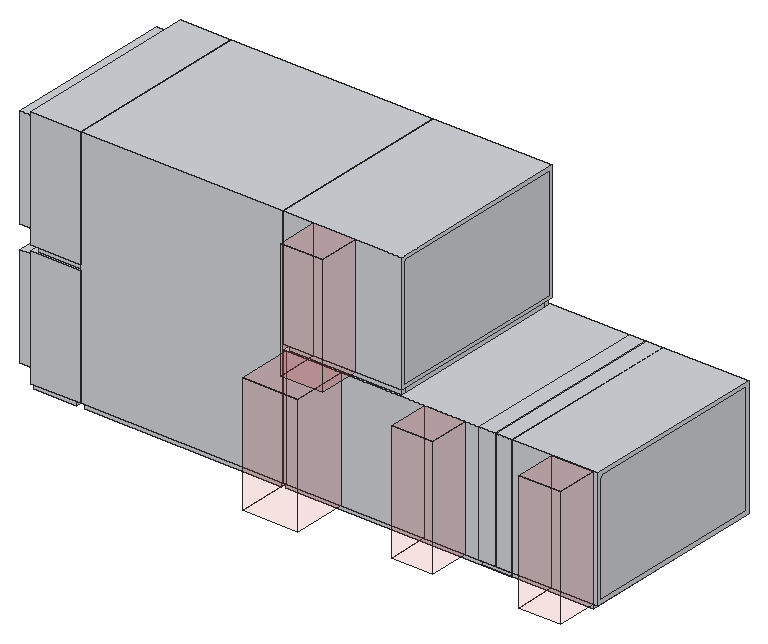
Revit family "Metric WinTADS Template 5", category Mechanical Equipment, Revit 2017
Family settings
  Round Connector Dimension = Use Diameter
  Part Type = Normal
  OmniClass Number = 23.75.00.00
  OmniClass Title = Climate Control (HVAC)
  Work Plane-Based = No
  Always vertical = Yes
  Cut with Voids When Loaded = No
  Shared = No
  Room Calculation Point = No
Parameters
  Mass = 2915.17 kg
Reference planes
  plane 1 "Center (Front/Back)": y = 0
  plane 2: z = 0
  plane 3 "Center (Left/Right)": x = 0
Forms (mm)
  Extrusion 1, solid
    sketch origin (0, 0, 0) x (1, 0, 0) y (0, 1, 0)
      loop
        line (-200, 2078) -> (-200, 100) -> (0, 100) -> (0, 2078) -> (-200, 2078)
    from 100 to 1278
  Extrusion 2, solid
    sketch origin (0, 0, 0) x (1, 0, 0) y (0, 1, 0)
      loop
        line (4293.543, 2129) -> (4293.543, 49) -> (4294.457, 49) -> (4294.457, 2129) -> (4293.543, 2129)
    from 1489 to 2769
  Extrusion 3, solid
    sketch origin (0, 0, 0) x (1, 0, 0) y (0, 1, 0)
      loop
        line (130, 2048) -> (130, 230) -> (448, 230) -> (448, 2048) -> (130, 2048)
    from 1219 to 1329
  Extrusion 4, solid
    sketch origin (0, 0, 0) x (1, 0, 0) y (0, 1, 0)
      loop
        line (0, 2178) -> (0, 0) -> (578, 0) -> (578, 2178) -> (0, 2178)
    from 0 to 1378
  Extrusion 5, solid
    sketch origin (0, 0, 0) x (1, 0, 0) y (0, 1, 0)
      loop
        line (0, 2178) -> (0, 0) -> (578, 0) -> (578, 2178) -> (0, 2178)
    from 1440 to 2818
  Extrusion 6, solid
    sketch origin (0, 0, 0) x (1, 0, 0) y (0, 1, 0)
      loop
        line (578, 2178) -> (578, 0) -> (2916, 0) -> (2916, 2178) -> (578, 2178)
    from 0 to 2818
  Extrusion 7, solid
    sketch origin (0, 0, 0) x (1, 0, 0) y (0, 1, 0)
      loop
        line (2916, 2178) -> (2916, 0) -> (4294, 0) -> (4294, 2178) -> (2916, 2178)
    from 1440 to 2818
  Extrusion 8, solid
    sketch origin (0, 0, 0) x (1, 0, 0) y (0, 1, 0)
      loop
        line (2916, 2178) -> (2916, 0) -> (5574, 0) -> (5574, 2178) -> (2916, 2178)
    from 0 to 1378
  Extrusion 9, solid
    sketch origin (0, 0, 0) x (1, 0, 0) y (0, 1, 0)
      loop
        line (5382.543, 2178) -> (5382.543, 0) -> (5383.457, 0) -> (5383.457, 2178) -> (5382.543, 2178)
    from 0 to 1378
  Extrusion 10, solid
    sketch origin (0, 0, 0) x (1, 0, 0) y (0, 1, 0)
      loop
        line (-200, 2078) -> (-200, 100) -> (0, 100) -> (0, 2078) -> (-200, 2078)
    from 1540 to 2718
  Extrusion 11, solid
    sketch origin (0, 0, 0) x (1, 0, 0) y (0, 1, 0)
      loop
        line (6569.543, 2129) -> (6569.543, 49) -> (6570.457, 49) -> (6570.457, 2129) -> (6569.543, 2129)
    from 49 to 1329
  Extrusion 12, solid
    sketch origin (0, 0, 0) x (1, 0, 0) y (0, 1, 0)
      loop
        line (5192, 2178) -> (5192, 0) -> (6570, 0) -> (6570, 2178) -> (5192, 2178)
    from 0 to 1378
  Extrusion 13, solid
    sketch origin (0, 0, 0) x (1, 0, 0) y (0, 1, 0)
      loop
        line (20, 75.5) -> (20, 26.5) -> (509, 26.5) -> (509, 75.5) -> (20, 75.5)
    from -62 to 0
  Extrusion 14, solid
    sketch origin (0, 0, 0) x (1, 0, 0) y (0, 1, 0)
      loop
        line (20, 2151.5) -> (20, 2102.5) -> (509, 2102.5) -> (509, 2151.5) -> (20, 2151.5)
    from -62 to 0
  Extrusion 15, solid
    sketch origin (0, 0, 0) x (1, 0, 0) y (0, 1, 0)
      loop
        line (20, 2102.5) -> (20, 75.5) -> (69, 75.5) -> (69, 2102.5) -> (20, 2102.5)
    from -62 to 0
  Extrusion 16, solid
    sketch origin (0, 0, 0) x (1, 0, 0) y (0, 1, 0)
      loop
        line (460, 2102.5) -> (460, 75.5) -> (509, 75.5) -> (509, 2102.5) -> (460, 2102.5)
    from -62 to 0
  Extrusion 17, solid
    sketch origin (0, 0, 0) x (1, 0, 0) y (0, 1, 0)
      loop
        line (69, 75.5) -> (69, 26.5) -> (558, 26.5) -> (558, 75.5) -> (69, 75.5)
    from 1378 to 1440
  Extrusion 18, solid
    sketch origin (0, 0, 0) x (1, 0, 0) y (0, 1, 0)
      loop
        line (69, 2151.5) -> (69, 2102.5) -> (558, 2102.5) -> (558, 2151.5) -> (69, 2151.5)
    from 1378 to 1440
  Extrusion 19, solid
    sketch origin (0, 0, 0) x (1, 0, 0) y (0, 1, 0)
      loop
        line (69, 2102.5) -> (69, 75.5) -> (118, 75.5) -> (118, 2102.5) -> (69, 2102.5)
    from 1378 to 1440
  Extrusion 20, solid
    sketch origin (0, 0, 0) x (1, 0, 0) y (0, 1, 0)
      loop
        line (509, 2102.5) -> (509, 75.5) -> (558, 75.5) -> (558, 2102.5) -> (509, 2102.5)
    from 1378 to 1440
  Extrusion 21, solid
    sketch origin (0, 0, 0) x (1, 0, 0) y (0, 1, 0)
      loop
        line (604, 75.5) -> (604, 26.5) -> (2890, 26.5) -> (2890, 75.5) -> (604, 75.5)
    from -62 to 0
  Extrusion 22, solid
    sketch origin (0, 0, 0) x (1, 0, 0) y (0, 1, 0)
      loop
        line (604, 2151.5) -> (604, 2102.5) -> (2890, 2102.5) -> (2890, 2151.5) -> (604, 2151.5)
    from -62 to 0
  Extrusion 23, solid
    sketch origin (0, 0, 0) x (1, 0, 0) y (0, 1, 0)
      loop
        line (604, 2102.5) -> (604, 75.5) -> (653, 75.5) -> (653, 2102.5) -> (604, 2102.5)
    from -62 to 0
  Extrusion 24, solid, material "Clearance Zones"
    sketch origin (0, 0, 0) x (1, 0, 0) y (0, 1, 0)
      loop
        line (3285, 0) -> (3285, -480) -> (3765, -480) -> (3765, 0) -> (3285, 0)
    from 1440 to 2818
  Extrusion 25, solid, material "Clearance Zones"
    sketch origin (0, 0, 0) x (1, 0, 0) y (0, 1, 0)
      loop
        line (2965, 0) -> (2965, -640) -> (3605, -640) -> (3605, 0) -> (2965, 0)
    from 0 to 1378
  Extrusion 26, solid, material "Clearance Zones"
    sketch origin (0, 0, 0) x (1, 0, 0) y (0, 1, 0)
      loop
        line (4565, 0) -> (4565, -480) -> (5045, -480) -> (5045, 0) -> (4565, 0)
    from 0 to 1378
  Extrusion 27, solid, material "Clearance Zones"
    sketch origin (0, 0, 0) x (1, 0, 0) y (0, 1, 0)
      loop
        line (6041, 0) -> (6041, -480) -> (6521, -480) -> (6521, 0) -> (6041, 0)
    from 0 to 1378
  Extrusion 28, solid
    sketch origin (0, 0, 0) x (1, 0, 0) y (0, 1, 0)
      loop
        line (2841, 2102.5) -> (2841, 75.5) -> (2890, 75.5) -> (2890, 2102.5) -> (2841, 2102.5)
    from -62 to 0
  Extrusion 29, solid
    sketch origin (0, 0, 0) x (1, 0, 0) y (0, 1, 0)
      loop
        line (2985, 75.5) -> (2985, 26.5) -> (4274, 26.5) -> (4274, 75.5) -> (2985, 75.5)
    from 1378 to 1440
  Extrusion 30, solid
    sketch origin (0, 0, 0) x (1, 0, 0) y (0, 1, 0)
      loop
        line (2985, 2151.5) -> (2985, 2102.5) -> (4274, 2102.5) -> (4274, 2151.5) -> (2985, 2151.5)
    from 1378 to 1440
  Extrusion 31, solid
    sketch origin (0, 0, 0) x (1, 0, 0) y (0, 1, 0)
      loop
        line (2985, 2102.5) -> (2985, 75.5) -> (3034, 75.5) -> (3034, 2102.5) -> (2985, 2102.5)
    from 1378 to 1440
  Extrusion 32, solid
    sketch origin (0, 0, 0) x (1, 0, 0) y (0, 1, 0)
      loop
        line (4225, 2102.5) -> (4225, 75.5) -> (4274, 75.5) -> (4274, 2102.5) -> (4225, 2102.5)
    from 1378 to 1440
  Extrusion 33, solid
    sketch origin (0, 0, 0) x (1, 0, 0) y (0, 1, 0)
      loop
        line (2936, 75.5) -> (2936, 26.5) -> (5554, 26.5) -> (5554, 75.5) -> (2936, 75.5)
    from -62 to 0
  Extrusion 34, solid
    sketch origin (0, 0, 0) x (1, 0, 0) y (0, 1, 0)
      loop
        line (2936, 2151.5) -> (2936, 2102.5) -> (5554, 2102.5) -> (5554, 2151.5) -> (2936, 2151.5)
    from -62 to 0
  Extrusion 35, solid
    sketch origin (0, 0, 0) x (1, 0, 0) y (0, 1, 0)
      loop
        line (2936, 2102.5) -> (2936, 75.5) -> (2985, 75.5) -> (2985, 2102.5) -> (2936, 2102.5)
    from -62 to 0
  Extrusion 36, solid
    sketch origin (0, 0, 0) x (1, 0, 0) y (0, 1, 0)
      loop
        line (5505, 2102.5) -> (5505, 75.5) -> (5554, 75.5) -> (5554, 2102.5) -> (5505, 2102.5)
    from -62 to 0
  Extrusion 37, solid
    sketch origin (0, 0, 0) x (1, 0, 0) y (0, 1, 0)
      loop
        line (5212, 75.5) -> (5212, 26.5) -> (6501, 26.5) -> (6501, 75.5) -> (5212, 75.5)
    from -62 to 0
  Extrusion 38, solid
    sketch origin (0, 0, 0) x (1, 0, 0) y (0, 1, 0)
      loop
        line (5212, 2151.5) -> (5212, 2102.5) -> (6501, 2102.5) -> (6501, 2151.5) -> (5212, 2151.5)
    from -62 to 0
  Extrusion 39, solid
    sketch origin (0, 0, 0) x (1, 0, 0) y (0, 1, 0)
      loop
        line (5212, 2102.5) -> (5212, 75.5) -> (5261, 75.5) -> (5261, 2102.5) -> (5212, 2102.5)
    from -62 to 0
  Extrusion 40, solid
    sketch origin (0, 0, 0) x (1, 0, 0) y (0, 1, 0)
      loop
        line (6452, 2102.5) -> (6452, 75.5) -> (6501, 75.5) -> (6501, 2102.5) -> (6452, 2102.5)
    from -62 to 0
Dimensions and locks
  aligned and locked: level to plane 2
Connectors
  hvac at (289, 1139, 1219)
    settings: on Extrusion 3, index 16, duct flow 4166.67 L/s, flow factor 0, pres drop 32.7335 Pa, loss coef 0, conn angle 0.00°, conn width 318 mm, conn height 1818 mm, conn diameter 609.6 mm, duct sys type 1, conn prof type 1, flow config 0, flow direction 1, loss method 4, conn ref index -1, conn util no, is conn primary no, conn desc ""
  hvac at (4294.457, 1089, 2129)
    settings: on Extrusion 2, index 31, duct flow 4166.67 L/s, flow factor 0, pres drop 2.0 Pa, loss coef 0, conn angle 0.00°, conn width 2080 mm, conn height 1280 mm, conn diameter 609.6 mm, duct sys type 3, conn prof type 1, flow config 0, flow direction 1, loss method 4, conn ref index -1, conn util no, is conn primary no, conn desc ""
  hvac at (-200, 1089, 689)
    settings: on Extrusion 1, index 35, duct flow 4166.67 L/s, flow factor 0, pres drop 2.13865 Pa, loss coef 0, conn angle 0.00°, conn width 1978 mm, conn height 1178 mm, conn diameter 609.6 mm, duct sys type 3, conn prof type 1, flow config 0, flow direction 2, loss method 4, conn ref index -1, conn util no, is conn primary no, conn desc ""
  hvac at (-200, 1089, 2129)
    settings: on Extrusion 10, index 88, duct flow 4166.67 L/s, flow factor 0, pres drop 2.13865 Pa, loss coef 0, conn angle 0.00°, conn width 1978 mm, conn height 1178 mm, conn diameter 609.6 mm, duct sys type 1, conn prof type 1, flow config 0, flow direction 1, loss method 4, conn ref index -1, conn util no, is conn primary no, conn desc ""
  hvac at (6570.457, 1089, 689)
    settings: on Extrusion 11, index 96, duct flow 4166.67 L/s, flow factor 0, pres drop 2.0 Pa, loss coef 0, conn angle 0.00°, conn width 2080 mm, conn height 1280 mm, conn diameter 609.6 mm, duct sys type 1, conn prof type 1, flow config 0, flow direction 2, loss method 4, conn ref index -1, conn util no, is conn primary no, conn desc ""
